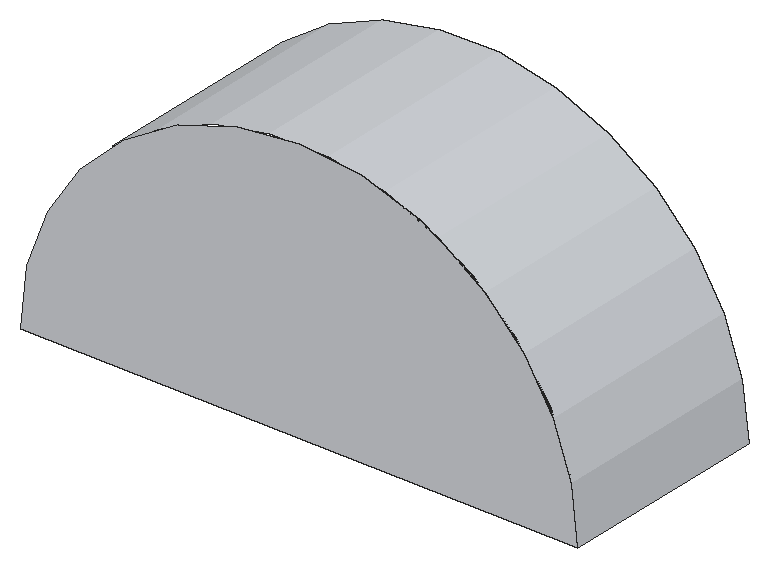
Revit family "S1H", category Lighting Fixtures, host Face, Revit 2025
Family settings
  Host = Face
  Round Connector Dimension = Use Diameter
  Part Type = Normal
  Cut with Voids When Loaded = No
  Light Source = No
  Maintain Annotation Orientation = No
  Shared = No
  Room Calculation Point = No
Parameters (values of type "RWSC-36L-5K-DO-U-PS")
  URL = "https://s3.amazonaws.com/iworq-upload/PLAINFIELD/601/8975494-McDonald%27s%20Lighting%20Cut%20Sheets.pdf"
  Model = "RWSC-36L-5K-DO-U-PS"
  Default Elevation = 48"
  C = 9"
  B = 19"
  A = 7 1/4"
Reference planes (in)
  plane 1 "Center (Front/Back)": y = 0
  plane 2: z = 0
  plane 3 "Center (Left/Right)": x = 0
  plane 4: z = 7.25
  plane 5: x = -9.5
  plane 6: x = 9.5
Forms (in)
  Extrusion 1, solid
    sketch origin (0, -3.625, 2.42474) x (1, 0, 0) y (0, 0, -1)
      loop
        spline (-9.5, 2.42474) -> (-9.1763, 0.09537) -> (-8.22724, -2.07526) -> (-6.71751, -3.93922) -> (-4.75, -5.36949) -> (-2.45878, -6.26859) -> (0, -6.57526) -> (2.45878, -6.26859) -> (4.75, -5.36949) -> (6.71751, -3.93922) -> (8.22724, -2.07526) -> (9.1763, 0.09537) -> (9.5, 2.42474)
        line (9.5, 2.42474) -> (-9.5, 2.42474)
    from 0 to 7.25
Dimensions and locks (in)
  "A": plane 4 to plane 2
  plane 5 to plane 6 = 19"
  "B": plane 5 to plane 6
  "C": Extrusion 1 sketch curve to Extrusion 1 sketch curve
  aligned and locked: plane 2 to host face
  aligned and locked: level to host face
  aligned and locked: plane 6 to Extrusion 1 sketch curve
  aligned and locked: plane 5 to Extrusion 1 sketch curve
Automatic sketch dimensions
  host sketch curve to host sketch curve = 96"  (x2)
  Extrusion 1 sketch curve to level = 0"
Connectors (in)
  electrical at (0, 0, 0)
    settings: on Extrusion 1, index 1, voltage 0 V, apparent load 0 VA, apparent load phase1 0 VA, apparent load phase2 0 VA, apparent load phase3 0 VA, power factor 1, load classification "Other", number of poles 1, system type 31, power factor state 1, is connector primary yes, connector utility no, sub classification motor no, connector description ""
